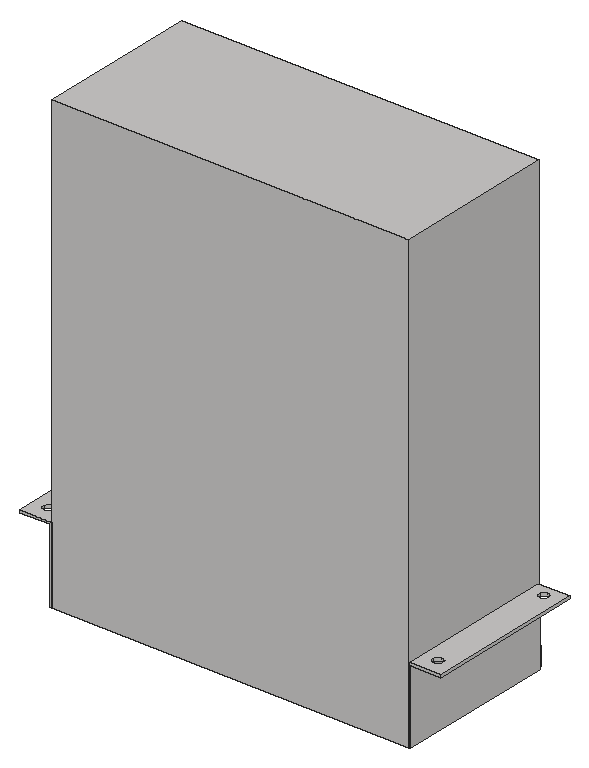
Revit family "Zalustrowy_podajnik_recznikow_ZZ HIT", category Furniture, host Wall, Revit 2019
Family settings
  Host = Wall
  Always vertical = Yes
  Cut with Voids When Loaded = No
  Shared = No
  Room Calculation Point = No
Parameters (values of type "PZ800SJB")
  Width / Szerokosc = 290 mm  # constant formula
  Weight / Waga = "3 kg"
  URL = "https://faneco.com/zalustrowy-podajnik-recznikow-zz-hit.html"
  Type Comments = "Zalustrowy podajnik ręczników ZZ HIT"
  Product code / Kod produktu = "PZ800SJB"
  Model = "ZZ HIT"
  Material finish / Wykonczenie = "Stal nierdzewna 430 szczotkowana, mat."
  Material = Stal nierdzewna szczotkowana
  Manufacturer code / Kod producenta = "5901764296522"
  Manufacturer = "FANECO.com"
  Height / Wysokosc = 370 mm  # constant formula
  Description = "Podajnik ręczników papierowych ZZ przeznaczony do montażu za lustrem z możliwością załadunku od dołu. Nowoczesny zalustrowy podajnik ręczników papierowych mogący pomieścić 800 szt listków sprawdza się w designerskich wnętrzach do wszystkich rodzajów podkonstrukcji luster w tym szafek montowanych na stałe bez rewizji."
  Depth / Glebokosc = 130 mm  # constant formula
  Color / Kolor = ""
Reference planes
  plane 1 "Wall": y = 0
  plane 2 "Center (Left/Right)": x = 125
  plane 3 "Back": y = 75
Text (mm)
  text "Placement Side" at (-1848.837, 1116.779, 0), in view "Ref. Level"
  text "Placement side" at (0, 1409.804, 2854.306), in view "Left"
  text "Placement side" at (0, 499.811, 2980.732), in view "Right"
Dimensions and locks
  locked: plane 3 "Back" to host wall
  aligned and locked: plane 1 "Wall" to host wall
Nested families
  nested 1: "Low_detail" at (125, 75, 815) x (-1, 0, 0) z (0, 1, 0), Material <- "Material", G <- "Depth / Glebokosc", S <- "Width / Szerokosc", W <- "Height / Wysokosc", type "Low_detail", detail levels coarse
    with W 370 mm, S 290 mm, Material Stal nierdzewna szczotkowana, G 130 mm
  nested 2: "PZ800SJB_medium" at (125, 75, 1000) x (-1, 0, 0) z (0, 1, 0), type "PZ800SJB_medium", detail levels medium
  nested 3: "PZ800SJB_high" at (125, 75, 1000) x (-1, 0, 0) z (0, 1, 0), type "PZ800SJB_high", detail levels fine
Definition of nested family "Low_detail"
  Parameters
    W [instance] = 721.812 mm
    S [instance] = 880 mm
    Material [instance] = none
    G [instance] = 250 mm
    Default Elevation = 1219.2 mm
  Reference planes
    plane 1 "Center (Front/Back)": y = 0
    plane 2: z = 0
    plane 3 "Center (Left/Right)": x = 0
    plane 4: x = -440
    plane 5: x = 440
    plane 6: y = 360.906
    plane 7: y = -360.906
  Forms (mm)
    Extrusion 1, solid
      sketch origin (0, 0, 0) x (1, 0, 0) y (0, 1, 0)
        loop
          line (-1219.2, 1219.2) -> (-1219.2, -1219.2) -> (1219.2, -1219.2) -> (1219.2, 1219.2) -> (-1219.2, 1219.2)
      from 0 to -304.8
    Extrusion 2, solid, material <- "Material"
      sketch origin (0, 0, 0) x (1, 0, 0) y (0, 1, 0)
        loop
          line (-440, 360.906) -> (-440, -360.906) -> (440, -360.906) -> (440, 360.906) -> (-440, 360.906)
      from 0 to 250 <- "G"
  Dimensions and locks
    equal spacing: plane 4, plane 3 "Center (Left/Right)", plane 5
    "S": plane 4 to plane 5
    equal spacing: plane 6, plane 1 "Center (Front/Back)", plane 7
    "W": plane 6 to plane 7
    aligned and locked: plane 2 to Extrusion 1
    aligned and locked: level to Extrusion 1
    aligned and locked: Extrusion 2 sketch curve to plane 6
    aligned and locked: plane 4 to Extrusion 2 sketch curve
    aligned and locked: plane 7 to Extrusion 2 sketch curve
    aligned and locked: Extrusion 2 sketch curve to plane 5
  Automatic sketch dimensions
    Extrusion 1 sketch curve to Extrusion 1 sketch curve = 2438.4 mm  (x2)
Definition of nested family "PZ800SJB_medium"
  Parameters
    Material = none
    Default Elevation = 1219.2 mm
  Reference planes
    plane 1 "Center (Front/Back)": y = 0
    plane 2: z = 0
    plane 3 "Center (Left/Right)": x = 0
  Forms (mm)
    Extrusion 1, solid
      sketch origin (0, 0, 0) x (1, 0, 0) y (0, 1, 0)
        loop
          line (-1219.2, 1219.2) -> (-1219.2, -1219.2) -> (1219.2, -1219.2) -> (1219.2, 1219.2) -> (-1219.2, 1219.2)
      from 0 to -304.8
    Extrusion 2, solid, material <- "Material"
      sketch origin (0, 0, 0) x (1, 0, 0) y (0, 0, 1)
        loop
          line (-145, 132) -> (-145, 0) -> (145, 0) -> (145, 132) -> (-145, 132)
      from 0 to 370
    Extrusion 3, void
      sketch origin (0, 0, 0) x (1, 0, 0) y (0, 0, 1)
        loop
          line (135, 92) -> (-135, 92) -> (-135, 42) -> (135, 42) -> (135, 92)
      from 350 to 389.862
    Extrusion 4, solid, material <- "Material"
      sketch origin (0, 0, 0) x (1, 0, 0) y (0, 1, 0)
        loop
          line (-147, -310) -> (-147, -370) -> (-145, -370) -> (-145, -308) -> (-171, -308) -> (-171, -310) -> (-147, -310)
        loop
          line (147, -310) -> (171, -310) -> (171, -308) -> (145, -308) -> (145, -370) -> (147, -370) -> (147, -310)
      from 0 to 131
  Cuts and joins
    Extrusion 3 cuts Extrusion 2
  Dimensions and locks
    aligned and locked: plane 2 to Extrusion 1
    aligned and locked: level to Extrusion 1
Definition of nested family "PZ800SJB_high"
  Parameters
    Material = none
    Default Elevation = 1219.2 mm
  Reference planes
    plane 1 "Center (Front/Back)": y = 0
    plane 2: z = 0
    plane 3 "Center (Left/Right)": x = 0
  Forms (mm)
    Extrusion 1, solid
      sketch origin (0, 0, 0) x (1, 0, 0) y (0, 1, 0)
        loop
          line (-1219.2, 1219.2) -> (-1219.2, -1219.2) -> (1219.2, -1219.2) -> (1219.2, 1219.2) -> (-1219.2, 1219.2)
      from 0 to -304.8
    Extrusion 2, solid, material <- "Material"
      sketch origin (0, 0, 0) x (1, 0, 0) y (0, 0, 1)
        loop
          line (-145, 132) -> (-145, 0) -> (145, 0) -> (145, 132) -> (-145, 132)
      from 0 to 370
    Extrusion 3, void
      sketch origin (0, 0, 0) x (1, 0, 0) y (0, 0, 1)
        loop
          line (135, 92) -> (-135, 92) -> (-135, 42) -> (135, 42) -> (135, 92)
      from 350 to 389.862
    Extrusion 4, solid, material <- "Material"
      sketch origin (0, 0, 0) x (1, 0, 0) y (0, 1, 0)
        loop
          line (-147, -310) -> (-147, -370) -> (-145, -370) -> (-145, -308) -> (-171, -308) -> (-171, -310) -> (-147, -310)
        loop
          line (147, -310) -> (171, -310) -> (171, -308) -> (145, -308) -> (145, -370) -> (147, -370) -> (147, -310)
      from 0 to 131
    Extrusion 5, void
      sketch origin (0, 0, 0) x (1, 0, 0) y (0, 0, 1)
        loop
          circle (-158.521, 121.018) r 4
        loop
          circle (-158.521, 13.035) r 4
        loop
          circle (158.521, 121.018) r 4
        loop
          circle (158.521, 13.035) r 4
      from 273.176 to 335.573
    Extrusion 6, solid, material <- "Material"
      sketch origin (0, 0, 0) x (1, 0, 0) y (0, 0, 1)
        loop
          line (-145, 134) -> (-145, 132) -> (145, 132) -> (145, 134) -> (-145, 134)
      from 355 to 370
  Cuts and joins
    Extrusion 3 cuts Extrusion 2
    Extrusion 5 cuts Extrusion 4
  Dimensions and locks
    aligned and locked: plane 2 to Extrusion 1
    aligned and locked: level to Extrusion 1
